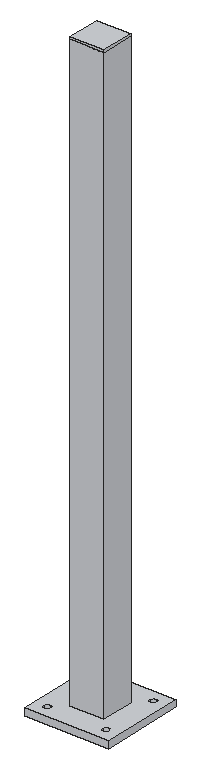
Revit family "DIAGONAL_ALUMINUM_PLANK_PANEL_POST", category Specialty Equipment, Revit 2026
Family settings
  Round Connector Dimension = Use Diameter
  Part Type = Normal
  Classification Number = 23.55.00.00
  Work Plane-Based = No
  Enable Cutting in Views = No
  Always vertical = No
  Cut with Voids When Loaded = No
  Maintain Annotation Orientation = No
  Shared = No
  Room Calculation Point = No
Parameters (values of type "Assembly")
  Warranty URL = "https://palmshieldlouvers.com/wp-content/uploads/2020/01/PalmSHIELD-Warranty-NO-SIGN-LINE.pdf"
  Version = "2020 - v1.0a"  # constant formula
  URL = "https://palmshieldlouvers.com/"
  Product Page URL = "https://palmshieldlouvers.com/products/semi-private-screening/"
  Product Documentation Link = "http://palmshieldlouvers.com/wp-content/uploads/2020/05/PalmSHIELD-Semi-Private-Composite-Technical-Data-Sheet.pdf"
  Model = "Tiberius - Aluminum - Post Assembly"  # constant formula
  Material = none
  Manufacturer Phone Number = "531-329-4406 "  # constant formula
  Manufacturer Email = "mailto: info@palmshieldlouvers.com"
  Manufacturer Address = "12330 Cary Circle, La Vista, NE 68128"  # constant formula
  Manufacturer = "PalmSHIELD"  # constant formula
  Keynote = "05 10 00"
  Instruction Sheet Link = "http://palmshieldlouvers.com/wp-content/uploads/2020/01/PalmSHIELD-Post-Panel-Gate-Installation-Instructions-REV-1.pdf"
  ID [instance] = "Not Assigned"
  Height [instance] = if(Desired Overall Height < C Min Height, C Min Height, if(Desired Overall Height > C Max Height, C Max Height, Desired Overall Height))  # 6' - 0"
  Desired Overall Height [instance] = 6' - 0"
  Description = "Tiberius - Aluminum"  # constant formula
  Default Elevation = 0' - 0"
  Copyright = "Copyright ©2024 The American Fence Company and PalmSHIELD. All Rights Reserved."  # constant formula
  Component Vis [instance] = yes
  Component Name [instance] = "Tiberius - Aluminum - Square Post"  # constant formula
  C Width = 0' - 3"  # constant formula
  C Min Height [instance] = 3' - 4"  # constant formula
  C Max Height [instance] = 12' - 0"  # constant formula
  Assembly Code = "F1020100"
Reference planes (in)
  plane 1 "Center (Front/Back)": y = 0
  plane 2: z = 0
  plane 3 "Center (Left/Right)": x = 0
  plane 4: z = 72
  plane 5: x = 1.5
  plane 6: x = -1.5
  plane 7: y = 1.5
  plane 8: y = -1.5
Lines and regions (in)
  reference lines
    curve 1: line (-23.79961, 0, 72) -> (24.20039, 0, 72)
Dimensions and locks (in)
  "Desired Overall Height": curve 1 to plane 2
  "Height": plane 4 to plane 2
  equal spacing: plane 6, plane 3 "Center (Left/Right)", plane 5
  equal spacing: plane 7, plane 1 "Center (Front/Back)", plane 8
  "C Width": plane 8 to plane 7
  "C Width": plane 6 to plane 5
  aligned and locked: plane 2 to level
Automatic sketch dimensions
  plane 6 to curve 1 = 1' - 10.29961"
  plane 5 to curve 1 = 1' - 10.70039"
Nested families (in)
  nested 1: "Screening-Louver-Assembly-Post-Palmshield-Ajax" at (0, 0, 0), Desired Overall Height <- "Desired Overall Height", ID <- "ID", Component Vis <- "Component Vis", type "Assembly"
    with Overall Height 6' - 0", ID "Not Assigned", Desired Overall Height 6' - 0", Component Vis yes, Component Name "Atlas - Post Assembly"
  nested 2: "Nested-Base_Plate-Palmshield-Ajax" at (0, 0, 0), type "10" x 10" x 3/4""
    with Material none, ID "Not Assigned", Component Name "Ajax - Aluminum - Base Plate"
  nested 3: "Nested-Square_Post-Palmshield-Ajax" at (0, 0, 0.75), type "4" X 4" X 1/4" SQ. TUBE"
    with Material none, Length 5' - 11", ID "Not Assigned", Component Name "Ajax - Aluminum - Square Post"
  nested 4: "Nested-Top_Cap-Palmshield-Ajax" at (0, 0, 71.75), type "4" x 4" x 1/4""
    with Material none, ID "Not Assigned", Component Name "Ajax - Aluminum - Square Top Cap"
Definition of nested family "Nested-Base_Plate-Palmshield-Ajax"
  Parameters (values of type "10" x 10" x 3/4"")
    Width = 0' - 10"  # constant formula
    Warranty URL = "https://palmshieldlouvers.com/wp-content/uploads/2020/01/PalmSHIELD-Warranty-NO-SIGN-LINE.pdf"
    Version = "2020 - v1.0a"  # constant formula
    URL = "https://palmshieldlouvers.com/"
    Thickness = 0' - 0 3/4"  # constant formula
    Product Page URL = "https://palmshieldlouvers.com/products/ajax-louver/"
    Product Documentation Link = "https://palmshieldlouvers.com/wp-content/uploads/2020/04/PalmSHIELD-Diagonal-Louvers-Technical-Data-Sheet.pdf"
    Model = "Ajax"  # constant formula
    Material [instance] = none
    Manufacturer Phone Number = "531-329-4406 "  # constant formula
    Manufacturer Fax Number = "Consult Manufacturer Website for More Information"  # constant formula
    Manufacturer Email = "mailto: info@palmshieldlouvers.com"
    Manufacturer Address = "12330 Cary Circle, La Vista, NE 68128"  # constant formula
    Manufacturer = "PalmSHIELD"  # constant formula
    Keynote = "05 10 00"
    Instruction Sheet Link = "https://palmshieldlouvers.com/wp-content/uploads/2020/01/PalmSHIELD-Post-Panel-Gate-Installation-Instructions-REV-1.pdf"
    ID [instance] = ""
    Hole Diameter = 0' - 0 3/4"  # constant formula
    Description = "Ajax - Base Plate"  # constant formula
    Default Elevation = 4' - 0"
    Copyright = "Copyright ©2024 The American Fence Company and PalmSHIELD. All Rights Reserved."  # constant formula
    Component Name [instance] = "Ajax - Aluminum - Base Plate"  # constant formula
    C Hole Offset = 0' - 1 1/2"  # constant formula
    Assembly Code = "F1020100"
  Reference planes (in)
    plane 1 "Center (Front/Back)": y = 0
    plane 2: z = 0
    plane 3 "Center (Left/Right)": x = 0
    plane 4: y = 5
    plane 5: x = 5
    plane 6: y = -5
    plane 7: x = -5
    plane 8: z = 0.75
  Forms (in)
    Extrusion 1, solid
      sketch origin (0, 0, 0) x (1, 0, 0) y (0, 1, 0)
        loop
          line (-48, 48) -> (-48, -48) -> (48, -48) -> (48, 48) -> (-48, 48)
      from 0 to -12
    Extrusion 2, solid, material <- "Material"
      sketch origin (0, 0, 0) x (1, 0, 0) y (0, 1, 0)
        loop
          line (-5, 5) -> (-5, -5) -> (5, -5) -> (5, 5) -> (-5, 5)
        loop
          circle (-3.5, 3.5) r 0.375
        loop
          circle (3.5, 3.5) r 0.375
        loop
          circle (-3.5, -3.5) r 0.375
        loop
          circle (3.5, -3.5) r 0.375
      from 0 to 0.75
  Dimensions and locks (in)
    equal spacing: plane 7, plane 3 "Center (Left/Right)", plane 5
    equal spacing: plane 4, plane 1 "Center (Front/Back)", plane 6
    "Width": plane 7 to plane 5
    "Width": plane 4 to plane 6
    "C Hole Offset": plane 7 to Extrusion 2 sketch curve  (x2)
    "C Hole Offset": Extrusion 2 sketch curve to plane 5  (x2)
    "C Hole Offset": plane 4 to Extrusion 2 sketch curve  (x2)
    "C Hole Offset": plane 6 to Extrusion 2 sketch curve  (x2)
    "Thickness": plane 8 to plane 2
    "Hole Diameter": diameter of Extrusion 2 sketch curve  (x4)
    aligned and locked: plane 2 to Extrusion 1
    aligned and locked: level to Extrusion 1
    aligned and locked: Extrusion 2 sketch curve to plane 4
    aligned and locked: plane 7 to Extrusion 2 sketch curve
    aligned and locked: Extrusion 2 sketch curve to plane 6
    aligned and locked: Extrusion 2 sketch curve to plane 5
    aligned and locked: plane 8 to Extrusion 2
  Automatic sketch dimensions
    Extrusion 1 sketch curve to Extrusion 1 sketch curve = 8' - 0"  (x2)
Definition of nested family "Nested-Square_Post-Palmshield-Ajax"
  Parameters (values of type "4" X 4" X 1/4" SQ. TUBE")
    Width = 0' - 4"  # constant formula
    Warranty URL = "https://palmshieldlouvers.com/wp-content/uploads/2020/01/PalmSHIELD-Warranty-NO-SIGN-LINE.pdf"
    Version = "2020 - v1.0a"  # constant formula
    URL = "https://palmshieldlouvers.com/"
    Thickness = 0' - 0 1/4"  # constant formula
    Product Page URL = "https://palmshieldlouvers.com/products/ajax-louver/"
    Product Documentation Link = "https://palmshieldlouvers.com/wp-content/uploads/2020/04/PalmSHIELD-Diagonal-Louvers-Technical-Data-Sheet.pdf"
    Model = "Ajax"  # constant formula
    Material [instance] = none
    Manufacturer Phone Number = "531-329-4406 "  # constant formula
    Manufacturer Fax Number = "Consult Manufacturer Website for More Information"  # constant formula
    Manufacturer Email = "mailto: info@palmshieldlouvers.com"
    Manufacturer Address = "12330 Cary Circle, La Vista, NE 68128"  # constant formula
    Manufacturer = "PalmSHIELD"  # constant formula
    Length [instance] = 4' - 4.86713"
    Keynote = "05 10 00"
    Instruction Sheet Link = "https://palmshieldlouvers.com/wp-content/uploads/2020/01/PalmSHIELD-Post-Panel-Gate-Installation-Instructions-REV-1.pdf"
    ID [instance] = ""
    Description = "Ajax - Post"  # constant formula
    Default Elevation = 4' - 0"
    Copyright = "Copyright ©2024 The American Fence Company and PalmSHIELD. All Rights Reserved."  # constant formula
    Component Name [instance] = "Ajax - Aluminum - Square Post"  # constant formula
    Assembly Code = "F1020100"
  Reference planes (in)
    plane 1 "Center (Front/Back)": y = 0
    plane 2: z = 0
    plane 3 "Center (Left/Right)": x = 0
    plane 4: z = 52.86713
    plane 5: x = 2
    plane 6: x = -2
  Forms (in)
    Extrusion 1, solid
      sketch origin (0, 0, 0) x (1, 0, 0) y (0, 1, 0)
        loop
          line (-48, 48) -> (-48, -48) -> (48, -48) -> (48, 48) -> (-48, 48)
      from 0 to -12
    Sweep 2, solid, material <- "Material"
      path origin (0, 0, 0) x (0, 1, 0) y (0, 0, 1)
        loop
          line (0, 0) -> (0, 52.86713)
      profile "Profile-Palmshield-Square : 4" X 4" X 1/4" SQ. TUBE" origin (0, 0, 26.43357) x (0, -1, 0) y (1, 0, 0)
        loop
          line (1.75, 1.75) -> (-1.75, 1.75) -> (-1.75, -1.75) -> (1.75, -1.75) -> (1.75, 1.75)
        loop
          line (-2, -2) -> (2, -2) -> (2, 2) -> (-2, 2) -> (-2, -2)
  Dimensions and locks (in)
    "Length": plane 4 to plane 2
    equal spacing: plane 5, plane 3 "Center (Left/Right)", plane 6
    "Width": plane 5 to plane 6
    aligned and locked: plane 2 to Extrusion 1
    aligned and locked: level to Extrusion 1
    aligned and locked: plane 1 "Center (Front/Back)" to Sweep 2 sketch curve
    aligned and locked: plane 4 to Sweep 2 sketch curve
  Automatic sketch dimensions
    Extrusion 1 sketch curve to Extrusion 1 sketch curve = 8' - 0"  (x2)
    Sweep 2 sketch curve to level = 0' - 0"
Definition of nested family "Nested-Top_Cap-Palmshield-Ajax"
  Parameters (values of type "4" x 4" x 1/4"")
    Width = 0' - 4"  # constant formula
    Warranty URL = "https://palmshieldlouvers.com/wp-content/uploads/2020/01/PalmSHIELD-Warranty-NO-SIGN-LINE.pdf"
    Version = "2020 - v1.0a"  # constant formula
    URL = "https://palmshieldlouvers.com/"
    Thickness = 0' - 0 1/4"  # constant formula
    Product Page URL = "https://palmshieldlouvers.com/products/ajax-louver/"
    Product Documentation Link = "https://palmshieldlouvers.com/wp-content/uploads/2020/04/PalmSHIELD-Diagonal-Louvers-Technical-Data-Sheet.pdf"
    Model = "Ajax"  # constant formula
    Material [instance] = none
    Manufacturer Phone Number = "531-329-4406 "  # constant formula
    Manufacturer Fax Number = "Consult Manufacturer Website for More Information"  # constant formula
    Manufacturer Email = "mailto: info@palmshieldlouvers.com"
    Manufacturer Address = "12330 Cary Circle, La Vista, NE 68128"  # constant formula
    Manufacturer = "PalmSHIELD"  # constant formula
    Keynote = "05 10 00"
    Instruction Sheet Link = "https://palmshieldlouvers.com/wp-content/uploads/2020/01/PalmSHIELD-Post-Panel-Gate-Installation-Instructions-REV-1.pdf"
    ID [instance] = ""
    Description = "Ajax - Top Cap"  # constant formula
    Default Elevation = 4' - 0"
    Copyright = "Copyright ©2024 The American Fence Company and PalmSHIELD. All Rights Reserved."  # constant formula
    Component Name [instance] = "Ajax - Aluminum - Square Top Cap"  # constant formula
    Assembly Code = "F1020100"
  Reference planes (in)
    plane 1 "Center (Front/Back)": y = 0
    plane 2: z = 0
    plane 3 "Center (Left/Right)": x = 0
    plane 4: y = 2
    plane 5: x = 2
    plane 6: y = -2
    plane 7: x = -2
    plane 8: z = 0.25
  Forms (in)
    Extrusion 1, solid
      sketch origin (0, 0, 0) x (1, 0, 0) y (0, 1, 0)
        loop
          line (-48, 48) -> (-48, -48) -> (48, -48) -> (48, 48) -> (-48, 48)
      from 0 to -12
    Extrusion 2, solid, material <- "Material"
      sketch origin (0, 0, 0) x (1, 0, 0) y (0, 1, 0)
        loop
          line (-2, 2) -> (-2, -2) -> (2, -2) -> (2, 2) -> (-2, 2)
      from 0 to 0.25
  Dimensions and locks (in)
    equal spacing: plane 7, plane 3 "Center (Left/Right)", plane 5
    equal spacing: plane 4, plane 1 "Center (Front/Back)", plane 6
    "Width": plane 7 to plane 5
    "Width": plane 4 to plane 6
    "Thickness": plane 8 to plane 2
    aligned and locked: plane 2 to Extrusion 1
    aligned and locked: level to Extrusion 1
    aligned and locked: Extrusion 2 sketch curve to plane 4
    aligned and locked: plane 7 to Extrusion 2 sketch curve
    aligned and locked: Extrusion 2 sketch curve to plane 6
    aligned and locked: Extrusion 2 sketch curve to plane 5
    aligned and locked: plane 8 to Extrusion 2
  Automatic sketch dimensions
    Extrusion 1 sketch curve to Extrusion 1 sketch curve = 8' - 0"  (x2)
Definition of nested family "Screening-Louver-Assembly-Post-Palmshield-Ajax"
  Parameters (values of type "Assembly")
    Width = 0' - 4"  # constant formula
    Warranty URL = "https://palmshieldlouvers.com/wp-content/uploads/2020/01/PalmSHIELD-Warranty-NO-SIGN-LINE.pdf"
    Version = "2020 - v1.0a"  # constant formula
    URL = "https://palmshieldlouvers.com/"
    Top Cap Thickness = 0' - 0 1/4"  # constant formula
    Product Page URL = "https://palmshieldlouvers.com/products/ajax-louver/"
    Product Documentation Link = "https://palmshieldlouvers.com/wp-content/uploads/2020/04/PalmSHIELD-Diagonal-Louvers-Technical-Data-Sheet.pdf"
    Overall Height [instance] = if(Desired Overall Height < 3' 0", 3' 0", if(Desired Overall Height > 12' 0", 12' 0", Desired Overall Height))  # 6' - 0"
    Model = "Atlas - Post Assembly"  # constant formula
    Material = none
    Manufacturer Phone Number = "531-329-4406 "  # constant formula
    Manufacturer Fax Number = "Consult Manufacturer Website for More Information"  # constant formula
    Manufacturer Email = "mailto: info@palmshieldlouvers.com"
    Manufacturer Address = "12330 Cary Circle, La Vista, NE 68128"  # constant formula
    Manufacturer = "PalmSHIELD"  # constant formula
    Keynote = "05 10 00"
    Instruction Sheet Link = "https://palmshieldlouvers.com/wp-content/uploads/2020/01/PalmSHIELD-Post-Panel-Gate-Installation-Instructions-REV-1.pdf"
    ID [instance] = "Not Assigned"
    Gusset Side Offset = 0' - 0 1/2"  # constant formula
    Desired Overall Height [instance] = 6' - 0"
    Description = "Atlas - Post Assembly"  # constant formula
    Default Elevation = 4' - 0"
    Copyright = "Copyright ©2024 The American Fence Company and PalmSHIELD. All Rights Reserved."  # constant formula
    Component Vis [instance] = yes
    Component Name [instance] = "Atlas - Post Assembly"  # constant formula
    C Panel Offset from Ground = 0' - 2"  # constant formula
    Base Plate Thickness = 0' - 0 3/4"  # constant formula
    Assembly Code = "F1020100"
  Reference planes (in)
    plane 1 "Center (Front/Back)": y = 0
    plane 2: z = 0
    plane 3 "Center (Left/Right)": x = 0
    plane 4: x = 2
    plane 5: x = -2
    plane 6: z = 72
    plane 7: z = 71.75
    plane 8: z = 2
  Forms (in)
    Extrusion 1, solid
      sketch origin (0, 0, 0) x (1, 0, 0) y (0, 1, 0)
        loop
          line (-48, 48) -> (-48, -48) -> (48, -48) -> (48, 48) -> (-48, 48)
      from 0 to -12
  Lines and regions (in)
    reference lines
      curve 1: line (-64.16684, 0, 72) -> (79.83316, 0, 72)
  Dimensions and locks (in)
    equal spacing: plane 4, plane 3 "Center (Left/Right)", plane 5
    "Width": plane 4 to plane 5
    "Top Cap Thickness": plane 6 to plane 7
    "C Panel Offset from Ground": plane 8 to plane 2
    "Desired Overall Height": curve 1 to plane 2
    "Overall Height": plane 6 to plane 2
    aligned and locked: plane 2 to Extrusion 1
    aligned and locked: level to Extrusion 1
    aligned and locked: plane 3 "Center (Left/Right)" to nested 1
    aligned and locked: plane 1 "Center (Front/Back)" to nested 1
    aligned and locked: plane 7 to nested 2
    aligned and locked: nested 2 to nested 3
    aligned and locked: plane 1 "Center (Front/Back)" to nested 3
  Automatic sketch dimensions
    Extrusion 1 sketch curve to Extrusion 1 sketch curve = 8' - 0"  (x2)
    curve 1 to plane 5 = 5' - 2.16684"
    plane 4 to curve 1 = 6' - 5.83316"
  Nested families (in)
    nested 1: "Nested-Base_Plate-Palmshield-Ajax" at (0, 0, 0), ID <- "ID", Material <- "Material", visible <- "Component Vis", type "10" x 10" x 3/4""
      with Material none, ID "Not Assigned", Component Name "Ajax - Aluminum - Base Plate"
    nested 2: "Nested-Square_Post-Palmshield-Ajax" at (0, 0, 0.75), ID <- "ID", Material <- "Material", visible <- "Component Vis", type "4" X 4" X 1/4" SQ. TUBE"
      with Material none, Length 5' - 11", ID "Not Assigned", Component Name "Ajax - Aluminum - Square Post"
    nested 3: "Nested-Top_Cap-Palmshield-Ajax" at (0, 0, 71.75), ID <- "ID", Material <- "Material", visible <- "Component Vis", type "4" x 4" x 1/4""
      with Material none, ID "Not Assigned", Component Name "Ajax - Aluminum - Square Top Cap"
  Definition of nested family "Nested-Base_Plate-Palmshield-Ajax"
    Parameters (values of type "10" x 10" x 3/4"")
      Width = 0' - 10"  # constant formula
      Warranty URL = "https://palmshieldlouvers.com/wp-content/uploads/2020/01/PalmSHIELD-Warranty-NO-SIGN-LINE.pdf"
      Version = "2020 - v1.0a"  # constant formula
      URL = "https://palmshieldlouvers.com/"
      Thickness = 0' - 0 3/4"  # constant formula
      Product Page URL = "https://palmshieldlouvers.com/products/ajax-louver/"
      Product Documentation Link = "https://palmshieldlouvers.com/wp-content/uploads/2020/04/PalmSHIELD-Diagonal-Louvers-Technical-Data-Sheet.pdf"
      Model = "Ajax"  # constant formula
      Material [instance] = none
      Manufacturer Phone Number = "531-329-4406 "  # constant formula
      Manufacturer Fax Number = "Consult Manufacturer Website for More Information"  # constant formula
      Manufacturer Email = "mailto: info@palmshieldlouvers.com"
      Manufacturer Address = "12330 Cary Circle, La Vista, NE 68128"  # constant formula
      Manufacturer = "PalmSHIELD"  # constant formula
      Keynote = "05 10 00"
      Instruction Sheet Link = "https://palmshieldlouvers.com/wp-content/uploads/2020/01/PalmSHIELD-Post-Panel-Gate-Installation-Instructions-REV-1.pdf"
      ID [instance] = ""
      Hole Diameter = 0' - 0 3/4"  # constant formula
      Description = "Ajax - Base Plate"  # constant formula
      Default Elevation = 4' - 0"
      Copyright = "Copyright ©2024 The American Fence Company and PalmSHIELD. All Rights Reserved."  # constant formula
      Component Name [instance] = "Ajax - Aluminum - Base Plate"  # constant formula
      C Hole Offset = 0' - 1 1/2"  # constant formula
      Assembly Code = "F1020100"
    Reference planes (in)
      plane 1 "Center (Front/Back)": y = 0
      plane 2: z = 0
      plane 3 "Center (Left/Right)": x = 0
      plane 4: y = 5
      plane 5: x = 5
      plane 6: y = -5
      plane 7: x = -5
      plane 8: z = 0.75
    Forms (in)
      Extrusion 1, solid
        sketch origin (0, 0, 0) x (1, 0, 0) y (0, 1, 0)
          loop
            line (-48, 48) -> (-48, -48) -> (48, -48) -> (48, 48) -> (-48, 48)
        from 0 to -12
      Extrusion 2, solid, material <- "Material"
        sketch origin (0, 0, 0) x (1, 0, 0) y (0, 1, 0)
          loop
            line (-5, 5) -> (-5, -5) -> (5, -5) -> (5, 5) -> (-5, 5)
          loop
            circle (-3.5, 3.5) r 0.375
          loop
            circle (3.5, 3.5) r 0.375
          loop
            circle (-3.5, -3.5) r 0.375
          loop
            circle (3.5, -3.5) r 0.375
        from 0 to 0.75
    Dimensions and locks (in)
      equal spacing: plane 7, plane 3 "Center (Left/Right)", plane 5
      equal spacing: plane 4, plane 1 "Center (Front/Back)", plane 6
      "Width": plane 7 to plane 5
      "Width": plane 4 to plane 6
      "C Hole Offset": plane 7 to Extrusion 2 sketch curve  (x2)
      "C Hole Offset": Extrusion 2 sketch curve to plane 5  (x2)
      "C Hole Offset": plane 4 to Extrusion 2 sketch curve  (x2)
      "C Hole Offset": plane 6 to Extrusion 2 sketch curve  (x2)
      "Thickness": plane 8 to plane 2
      "Hole Diameter": diameter of Extrusion 2 sketch curve  (x4)
      aligned and locked: plane 2 to Extrusion 1
      aligned and locked: level to Extrusion 1
      aligned and locked: Extrusion 2 sketch curve to plane 4
      aligned and locked: plane 7 to Extrusion 2 sketch curve
      aligned and locked: Extrusion 2 sketch curve to plane 6
      aligned and locked: Extrusion 2 sketch curve to plane 5
      aligned and locked: plane 8 to Extrusion 2
    Automatic sketch dimensions
      Extrusion 1 sketch curve to Extrusion 1 sketch curve = 8' - 0"  (x2)
  Definition of nested family "Nested-Square_Post-Palmshield-Ajax"
    Parameters (values of type "4" X 4" X 1/4" SQ. TUBE")
      Width = 0' - 4"  # constant formula
      Warranty URL = "https://palmshieldlouvers.com/wp-content/uploads/2020/01/PalmSHIELD-Warranty-NO-SIGN-LINE.pdf"
      Version = "2020 - v1.0a"  # constant formula
      URL = "https://palmshieldlouvers.com/"
      Thickness = 0' - 0 1/4"  # constant formula
      Product Page URL = "https://palmshieldlouvers.com/products/ajax-louver/"
      Product Documentation Link = "https://palmshieldlouvers.com/wp-content/uploads/2020/04/PalmSHIELD-Diagonal-Louvers-Technical-Data-Sheet.pdf"
      Model = "Ajax"  # constant formula
      Material [instance] = none
      Manufacturer Phone Number = "531-329-4406 "  # constant formula
      Manufacturer Fax Number = "Consult Manufacturer Website for More Information"  # constant formula
      Manufacturer Email = "mailto: info@palmshieldlouvers.com"
      Manufacturer Address = "12330 Cary Circle, La Vista, NE 68128"  # constant formula
      Manufacturer = "PalmSHIELD"  # constant formula
      Length [instance] = 4' - 4.86713"
      Keynote = "05 10 00"
      Instruction Sheet Link = "https://palmshieldlouvers.com/wp-content/uploads/2020/01/PalmSHIELD-Post-Panel-Gate-Installation-Instructions-REV-1.pdf"
      ID [instance] = ""
      Description = "Ajax - Post"  # constant formula
      Default Elevation = 4' - 0"
      Copyright = "Copyright ©2024 The American Fence Company and PalmSHIELD. All Rights Reserved."  # constant formula
      Component Name [instance] = "Ajax - Aluminum - Square Post"  # constant formula
      Assembly Code = "F1020100"
    Reference planes (in)
      plane 1 "Center (Front/Back)": y = 0
      plane 2: z = 0
      plane 3 "Center (Left/Right)": x = 0
      plane 4: z = 52.86713
      plane 5: x = 2
      plane 6: x = -2
    Forms (in)
      Extrusion 1, solid
        sketch origin (0, 0, 0) x (1, 0, 0) y (0, 1, 0)
          loop
            line (-48, 48) -> (-48, -48) -> (48, -48) -> (48, 48) -> (-48, 48)
        from 0 to -12
      Sweep 2, solid, material <- "Material"
        path origin (0, 0, 0) x (0, 1, 0) y (0, 0, 1)
          loop
            line (0, 0) -> (0, 52.86713)
        profile "Profile-Palmshield-Square : 4" X 4" X 1/4" SQ. TUBE" origin (0, 0, 26.43357) x (0, -1, 0) y (1, 0, 0)
          loop
            line (1.75, 1.75) -> (-1.75, 1.75) -> (-1.75, -1.75) -> (1.75, -1.75) -> (1.75, 1.75)
          loop
            line (-2, -2) -> (2, -2) -> (2, 2) -> (-2, 2) -> (-2, -2)
    Dimensions and locks (in)
      "Length": plane 4 to plane 2
      equal spacing: plane 5, plane 3 "Center (Left/Right)", plane 6
      "Width": plane 5 to plane 6
      aligned and locked: plane 2 to Extrusion 1
      aligned and locked: level to Extrusion 1
      aligned and locked: plane 1 "Center (Front/Back)" to Sweep 2 sketch curve
      aligned and locked: plane 4 to Sweep 2 sketch curve
    Automatic sketch dimensions
      Extrusion 1 sketch curve to Extrusion 1 sketch curve = 8' - 0"  (x2)
      Sweep 2 sketch curve to level = 0' - 0"
  Definition of nested family "Nested-Top_Cap-Palmshield-Ajax"
    Parameters (values of type "4" x 4" x 1/4"")
      Width = 0' - 4"  # constant formula
      Warranty URL = "https://palmshieldlouvers.com/wp-content/uploads/2020/01/PalmSHIELD-Warranty-NO-SIGN-LINE.pdf"
      Version = "2020 - v1.0a"  # constant formula
      URL = "https://palmshieldlouvers.com/"
      Thickness = 0' - 0 1/4"  # constant formula
      Product Page URL = "https://palmshieldlouvers.com/products/ajax-louver/"
      Product Documentation Link = "https://palmshieldlouvers.com/wp-content/uploads/2020/04/PalmSHIELD-Diagonal-Louvers-Technical-Data-Sheet.pdf"
      Model = "Ajax"  # constant formula
      Material [instance] = none
      Manufacturer Phone Number = "531-329-4406 "  # constant formula
      Manufacturer Fax Number = "Consult Manufacturer Website for More Information"  # constant formula
      Manufacturer Email = "mailto: info@palmshieldlouvers.com"
      Manufacturer Address = "12330 Cary Circle, La Vista, NE 68128"  # constant formula
      Manufacturer = "PalmSHIELD"  # constant formula
      Keynote = "05 10 00"
      Instruction Sheet Link = "https://palmshieldlouvers.com/wp-content/uploads/2020/01/PalmSHIELD-Post-Panel-Gate-Installation-Instructions-REV-1.pdf"
      ID [instance] = ""
      Description = "Ajax - Top Cap"  # constant formula
      Default Elevation = 4' - 0"
      Copyright = "Copyright ©2024 The American Fence Company and PalmSHIELD. All Rights Reserved."  # constant formula
      Component Name [instance] = "Ajax - Aluminum - Square Top Cap"  # constant formula
      Assembly Code = "F1020100"
    Reference planes (in)
      plane 1 "Center (Front/Back)": y = 0
      plane 2: z = 0
      plane 3 "Center (Left/Right)": x = 0
      plane 4: y = 2
      plane 5: x = 2
      plane 6: y = -2
      plane 7: x = -2
      plane 8: z = 0.25
    Forms (in)
      Extrusion 1, solid
        sketch origin (0, 0, 0) x (1, 0, 0) y (0, 1, 0)
          loop
            line (-48, 48) -> (-48, -48) -> (48, -48) -> (48, 48) -> (-48, 48)
        from 0 to -12
      Extrusion 2, solid, material <- "Material"
        sketch origin (0, 0, 0) x (1, 0, 0) y (0, 1, 0)
          loop
            line (-2, 2) -> (-2, -2) -> (2, -2) -> (2, 2) -> (-2, 2)
        from 0 to 0.25
    Dimensions and locks (in)
      equal spacing: plane 7, plane 3 "Center (Left/Right)", plane 5
      equal spacing: plane 4, plane 1 "Center (Front/Back)", plane 6
      "Width": plane 7 to plane 5
      "Width": plane 4 to plane 6
      "Thickness": plane 8 to plane 2
      aligned and locked: plane 2 to Extrusion 1
      aligned and locked: level to Extrusion 1
      aligned and locked: Extrusion 2 sketch curve to plane 4
      aligned and locked: plane 7 to Extrusion 2 sketch curve
      aligned and locked: Extrusion 2 sketch curve to plane 6
      aligned and locked: Extrusion 2 sketch curve to plane 5
      aligned and locked: plane 8 to Extrusion 2
    Automatic sketch dimensions
      Extrusion 1 sketch curve to Extrusion 1 sketch curve = 8' - 0"  (x2)
